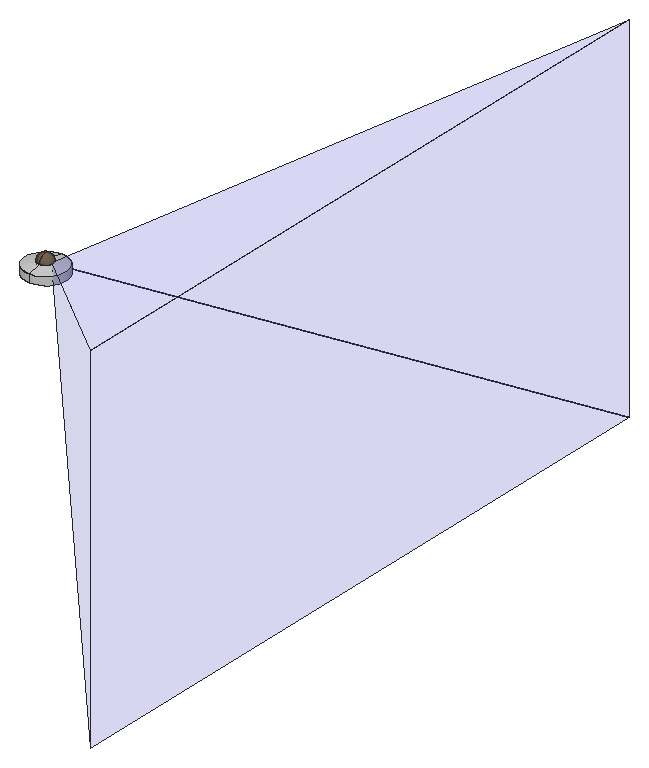
Revit family "Camera-Security-Canon-Fixed_Micro_Dome_Camera", category Security Devices, host Face, Revit 2012 (continued)
Definition of nested family "Field of View"
  Lines and regions (in)
    reference lines
      curve 2: line (-1.5, 0, 0) -> (1.5, 0, 0)
      curve 3: line (0, 1, 0) -> (0, -1, 0)
      curve 4: line (1, 0, 0) -> (-1, 0, 0)
  Dimensions and locks (in)
    "z Room Back Actual": plane 11 to plane 5
    "z Room Front Actual": plane 4 to plane 10
    "z Room Left Actual": plane 7 to plane 8
    "z Room Right Actual": plane 9 to plane 6
    "z Camera Y Actual": plane 4 to plane 12 "Lens Y"
    "z Camera X Actual": plane 7 to plane 13 "Lens X"
    "z Camera Z Actual": plane 16 "Lens Z" to plane 17
    "z Room Top Actual": plane 15 to plane 14
    "z Base": plane 7 to plane 3 "Center (Left/Right)"
    "z Base": plane 3 "Center (Left/Right)" to plane 6
    "z Base": plane 4 to plane 1 "Center (Front/Back)"
    "z Base": plane 1 "Center (Front/Back)" to plane 5
    "z Base": plane 15 to plane 2 "Center (Elevation)"
    "z Base": plane 2 "Center (Elevation)" to plane 17
    equal spacing: Blend 3 sketch curve, curve 1, Blend 3 sketch curve  (x2)
    equal spacing: Blend 3 sketch curve, curve 2, Blend 3 sketch curve  (x2)
    locked: Blend 3 sketch curve to Blend 3 sketch curve at 0.031  (x2)
    "z View Range Height": Blend 3 sketch curve to Blend 3 sketch curve
    "z View Range Width": Blend 3 sketch curve to Blend 3 sketch curve
    "z Room Bottom Actual": plane 18 to plane 17
    aligned and locked: plane 2 "Center (Elevation)" to level
    aligned and locked: Extrusion 1 sketch curve to plane 5
    aligned and locked: Extrusion 1 sketch curve to plane 7
    aligned and locked: Extrusion 1 sketch curve to plane 4
    aligned and locked: Extrusion 1 sketch curve to plane 6
    aligned and locked: Extrusion 1 sketch curve to plane 10
    aligned and locked: Extrusion 1 sketch curve to plane 8
    aligned and locked: Extrusion 1 sketch curve to plane 11
    aligned and locked: Extrusion 1 sketch curve to plane 9
    aligned and locked: Extrusion 1 to plane 14
    aligned and locked: Extrusion 2 sketch curve to plane 15
    aligned and locked: plane 7 to Extrusion 2 sketch curve  (x2)
    aligned and locked: Extrusion 2 sketch curve to plane 6  (x2)
    aligned and locked: Extrusion 2 sketch curve to plane 17
    aligned and locked: Extrusion 2 sketch curve to plane 14
    aligned and locked: Extrusion 2 to plane 4
    aligned and locked: Extrusion 2 to plane 5
    aligned and locked: Extrusion 2 sketch curve to plane 18
    aligned and locked: Extrusion 1 to plane 18
    aligned and locked: nested 5 to plane 12 "Lens Y"
    aligned and locked: nested 5 to plane 13 "Lens X"
  Automatic sketch dimensions
    curve 1 to curve 2 = 1.500"  (x2)
    curve 2 to curve 1 = 1.500"  (x2)
    curve 3 to curve 3 = 2.000"
    curve 4 to curve 3 = 1.000"  (x2)
    curve 3 to curve 4 = 1.000"
  Nested families (in)
    nested 1: "Family2" at (0, 0, 0) x (0, 1, 0) z (0, 0, 1), z Angle Rotate <- "z Lens Rotate Actual", z Offset Z <- "Lens Z", z Offset Y <- "Lens Y", z Offset X <- "Lens X", type "Standard", not visible
      with z Offset Z Actual 100.000", z Offset Z 0.000", z Offset Y Actual 100.000", z Offset Y 0.000", z Offset X Actual 100.000", z Offset X 0.000", z Base 100.000", z Angle Rotate 0.000°, Material none, Has Snap Locations yes
    nested 2: "Family2" at (0, 0, 0) x (0, -1, 0) z (1, 0, 0), z Angle Rotate <- "z Lens Tilt Actual", type "Standard", not visible
      with z Offset Z Actual 30.000", z Offset Z 0.000", z Offset Y Actual 30.000", z Offset Y 0.000", z Offset X Actual 30.000", z Offset X 0.000", z Base 30.000", z Angle Rotate 0.000°, Material none, Has Snap Locations yes
    nested 3: "Family2" at (0, 0, 0), z Angle Rotate <- "z Lens Pan Actual", type "Standard", not visible
      with z Offset Z Actual 30.000", z Offset Z 0.000", z Offset Y Actual 30.000", z Offset Y 0.000", z Offset X Actual 30.000", z Offset X 0.000", z Base 30.000", z Angle Rotate 0.000°, Material none, Has Snap Locations yes
    nested 4: "Family2" at (0, 0, 0) x (-1, 0, 0) z (0, -1, 0), type "Standard", not visible
      with z Offset Z Actual 30.000", z Offset Z 0.000", z Offset Y Actual 30.000", z Offset Y 0.000", z Offset X Actual 30.000", z Offset X 0.000", z Base 30.000", z Angle Rotate 0.000°, Material none, Has Snap Locations yes
    nested 5: "Family2" at (0, 0, 0) x (0, 1, 0) z (0, 0, 1), z Angle Rotate <- "z Camera Rotate Actual", type "Standard", not visible
      with z Offset Z Actual 35.000", z Offset Z 0.000", z Offset Y Actual 35.000", z Offset Y 0.000", z Offset X Actual 35.000", z Offset X 0.000", z Base 35.000", z Angle Rotate 0.000°, Material none, Has Snap Locations yes
    nested 6: "Family2" at (0, 0, 0) x (0, -1, 0) z (1, 0, 0), z Angle Rotate <- "z Camera Tilt Actual", type "Standard", not visible
      with z Offset Z Actual 30.000", z Offset Z 0.000", z Offset Y Actual 30.000", z Offset Y 0.000", z Offset X Actual 30.000", z Offset X 0.000", z Base 30.000", z Angle Rotate 0.000°, Material none, Has Snap Locations yes
    nested 7: "Family2" at (0, 0, 0), z Angle Rotate <- "z Camera Pan Actual", type "Standard", not visible
      with z Offset Z Actual 30.000", z Offset Z 0.000", z Offset Y Actual 30.000", z Offset Y 0.000", z Offset X Actual 30.000", z Offset X 0.000", z Base 30.000", z Angle Rotate 0.000°, Material none, Has Snap Locations yes
    nested 8: "Family2" at (0, 0, 0) x (-1, 0, 0) z (0, -1, 0), type "Standard", not visible
      with z Offset Z Actual 30.000", z Offset Z 0.000", z Offset Y Actual 30.000", z Offset Y 0.000", z Offset X Actual 30.000", z Offset X 0.000", z Base 30.000", z Angle Rotate 0.000°, Material none, Has Snap Locations yes
  Definition of nested family "Family2"
    Parameters (values of type "Standard")
      z Offset Z Actual [instance] = z Base + z Offset Z  # 30.000"
      z Offset Z [instance] = 0.000"
      z Offset Y Actual [instance] = z Base + z Offset Y  # 30.000"
      z Offset Y [instance] = 0.000"
      z Offset X Actual [instance] = z Base + z Offset X  # 30.000"
      z Offset X [instance] = 0.000"
      z Base [instance] = 30.000"
      z Angle Rotate [instance] = 0.000°
      Material [instance] = none
      Has Snap Locations [instance] = yes
    Reference planes (in)
      plane 1 "Center (Front/Back)": y = 0
      plane 2 "Center (Elevation)": z = 0
      plane 3 "Center (Left/Right)": x = 0
      plane 4: through (26.9972, 28.43381, 9.92971) normal (-0.9218, 0.2818, 0.2661)
      plane 5: through (15.53727, 31.93746, 9.30168) normal (-0.8902, 0.2721, -0.3654)
      plane 6: through (16.43815, 31.66203, -8.67365) normal (0.8902, -0.2721, 0.3654)
      plane 7: through (13.12273, 32.67566, 0.15701) normal (-0.05, 0.0153, 0.9986)
      plane 8: through (9.8073, 33.68929, 8.98767) normal (-0.9218, 0.2818, 0.2661)
      plane 9: through (4.97822, 35.16569, -9.30168) normal (0.955, -0.292, 0.0523)
      plane 10: through (4.97822, 35.16569, -9.30168) normal (-0.05, 0.0153, 0.9986)
      plane 11: y = -30
      plane 12: x = -30
      plane 13: y = 0
      plane 14: x = 0
      plane 15: z = 0
      plane 16: z = -30
    Forms (in)
      Extrusion 1, solid, material <- "Material", visible <- "Has Snap Locations"
        sketch origin (0, 0, 0) x (1, 0, 0) y (0, 0, 1)
          loop
            arc (0.70711, 0.70711) -> (-1, 0) -> (0.70711, -0.70711) r 1
            line (0.70711, -0.70711) -> (0.70711, 0.70711)
        from -0.5 to 0
    Lines and regions (in)
      reference lines
        curve 1: line (0, 0, 0) -> (1, 0, 0)
        curve 2: line (0, 0, 1) -> (0, 0, -1)
        curve 3: line (-1, 0, 0) -> (1, 0, 0)
    Dimensions and locks (in)
      "z Base": plane 11 to plane 1 "Center (Front/Back)"
      "z Base": plane 12 to plane 3 "Center (Left/Right)"
      "z Base": plane 2 "Center (Elevation)" to plane 16
      "z Offset Z Actual": plane 15 to plane 16
      "z Offset X Actual": plane 12 to plane 14
      "z Offset Y Actual": plane 13 to plane 11
      "z Angle Rotate": angle curve 1 to plane 1 "Center (Front/Back)"
      aligned and locked: plane 2 "Center (Elevation)" to level
      aligned and locked: plane 14 to curve 1
      aligned and locked: plane 13 to curve 1
    Automatic sketch dimensions
      Extrusion 1 sketch curve to curve 1 = 0.000"  (x2)
      Extrusion 1 sketch curve to curve 1 = 0.29289"
      Extrusion 1 sketch curve to curve 1 = 0.70711"
      curve 3 to curve 1 = 0.000"  (x2)
      curve 1 to curve 2 = 0.000"
      curve 2 to curve 1 = 1.000"
      curve 1 to curve 2 = 1.000"
      curve 3 to curve 1 = 1.000"
Definition of nested family "Security Camera Symbol 2"
  Parameters (values of type "PTZ Camera")
    z Visible [instance] = yes
    z Rotation [instance] = 0.000°
  Reference planes (in)
    plane 1: y = 0
    plane 2: x = 0
  Lines and regions (in)
    Masking region 1, visible <- "z Visible"
      outline origin (0, 0, 0) x (1, 0, 0) y (0, 1, 0)
        loop
          circle (0, 0) r 0.16623
    detail lines, visible <- "z Visible"
      curve 1: line (-0.10178, 0.0548, 0) -> (0.04949, 0.0548, 0)
      curve 2: line (-0.10178, -0.0548, 0) -> (-0.10178, 0.0548, 0)
      curve 3: line (0.04949, -0.0548, 0) -> (-0.10178, -0.0548, 0)
      curve 4: line (0.04949, 0.0548, 0) -> (0.04949, -0.0548, 0)
      curve 5: line (0.04949, 0, 0) -> (0.1043, 0.0548, 0)
      curve 6: line (0.1043, 0.0548, 0) -> (0.1043, -0.0548, 0)
      curve 7: line (0.1043, -0.0548, 0) -> (0.04949, 0, 0)
    reference lines
      curve 8: line (0, 0, 0) -> (0.45859, 0, 0)
  Dimensions and locks (in)
    "z Rotation": angle curve 8 to plane 1
  Automatic sketch dimensions
    Masking region 1 sketch curve to curve 8 = 0.000"  (x2)
    plane 1 to curve 8 = 0.000"
    curve 8 to plane 2 = 0.000"
    curve 8 to curve 5 = 0.000"
    curve 8 to curve 7 = 0.000"
    curve 3 to curve 8 = 0.10178"
    curve 8 to curve 3 = 0.04949"
    curve 3 to curve 6 = 0.0548"
    curve 4 to curve 8 = 0.0548"
    curve 3 to curve 6 = 0.000"
    curve 5 to curve 8 = 0.0548"
    curve 2 to curve 8 = 0.0548"
    radius of Masking region 1 sketch curve = 0.16623"
Types (2): name | zz Integer 1 | Shutter Speed | Resolution | Product Page URL | Product Documentation Link | Part Number | Part Description | Megapixels | Effective Pixels
  1.3 MP - Fixed | 1 | "1, 1/2, 1/4, 1/8, 1/15, 1/30, 1/60, 1/100, 1/120, 1/250, 1/500, 1/1000, 1/2000, 1/4000, 1/8000, 1/10000, 1/16000 sec." | "JPEG, H.264: 1280 x 720, 640 x 360, 320 x 180, 1280 x 960, 640 x 480, 320 x 240" | "http://www.usa.canon.com/cusa/office/products/hardware/network_video_solutions/dome_network_cameras/vb_s805d" | "http://www.usa.canon.com/cusa/office/products/hardware/network_video_solutions/dome_network_cameras/vb_s805d#Specifications" | "VB-S805D" | "1.3 Megapixel Fixed Micro Dome Network Camera" | "1.3" | "1.3 Million Pixels"
  2.1 MP - Fixed | 2 | "1, 1/2, 1/4, 1/8, 1/15, 1/30, 1/60, 1/100, 1/120, 1/250, 1/500, 1/1000, 1/2000, 1/4000, 1/8000, 1/16000 sec." | "JPEG, H.264: 1920 x 1080, 960 x 540, 480 x 270, 1280 x 720, 640 x 360, 320 x 180, 1280 x 960, 640 x 480, 320 x 240" | "http://www.usa.canon.com/cusa/office/products/hardware/network_video_solutions/dome_network_cameras/vb_s800d" | "http://www.usa.canon.com/cusa/office/products/hardware/network_video_solutions/dome_network_cameras/vb_s800d#Specifications" | "VB-S800D" | "2.1 Megapixel Fixed Micro Dome Network Camera" | "2.1" | "2.1 Million Pixels"
